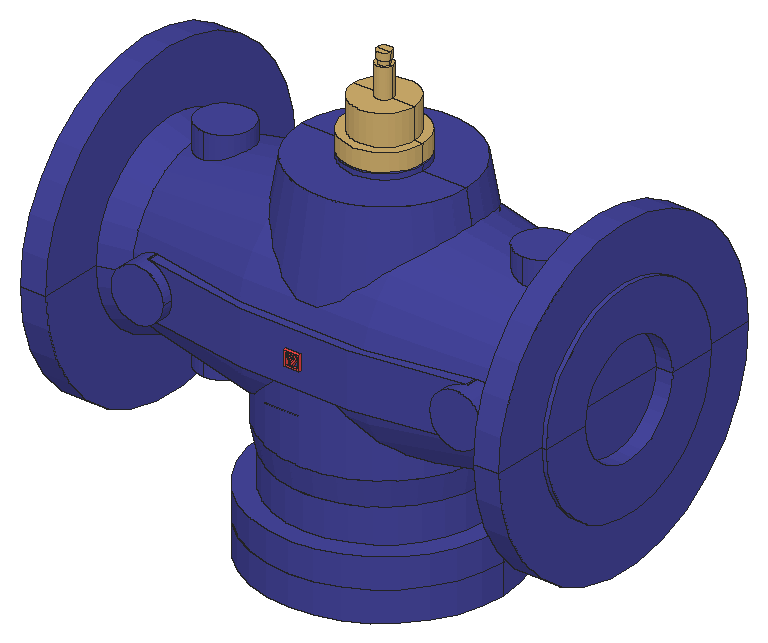
Revit family "Regelventil 4035_PN16", category Rohrzubehör, Revit 2020
Family settings
  Bemaßung runder Anschluss = Durchmesser verwenden
  Teiletyp = Unterbricht
  OmniClass-Nummer = 23.65.55.14
  OmniClass-Titel = Valves for Liquid Services
  Arbeitsebenenbasiert = Nein
  Immer vertikal = Ja
  Beim Laden mit Abzugskörper schneiden = Nein
  Gemeinsam genutzt = Nein
Parameters (values of type "kvs63")
  kvs63 = yes
  kvs6.3 = no
  kvs40 = no
  kvs4 = no
  kvs330 = no
  kvs250 = no
  kvs25 = no
  kvs2.5 = no
  kvs160 = no
  kvs16 = no
  kvs100 = no
  kvs10 = no
  kvs1.6 = no
  kvs1 = no
  Vorgabe-Ansicht = 0 mm
  Ventilsitz = "WN1.4021"  # constant formula
  Ventilkegel = "WN1.4021/Messing"  # constant formula
  Ventilcharakterisitk = "gleichprozentig"  # constant formula
  URL = "www.herz-armaturen.at"
  Spindel = "WN1.4404"  # constant formula
  SCTWSEQ = "FW;SBT_TYP_FW=\"101\";2"
  SCTWCODE = "04;05;02"  # constant formula
  SCRNSEQ = "ARM;ARM_TYP=\"DURR\";2"
  SCRNCODE = "05;06;02"  # constant formula
  R14 = 4 mm  # constant formula
  R13 = 3 mm  # constant formula
  R12 = 5 mm  # constant formula
  R11 [instance] = size_lookup("4035_PN16", "R11", 18 mm, Nennweite)  # 18 mm
  R10 [instance] = size_lookup("4035_PN16", "R10", 23 mm, Nennweite)  # 23 mm
  R09 [instance] = size_lookup("4035_PN16", "R9", 49 mm, Nennweite)  # 49 mm
  R08 [instance] = R00 + 3 mm  # 68 mm
  R07 [instance] = size_lookup("4035_PN16", "R7", 15.5 mm, Nennweite)  # 15.5 mm
  R06 [instance] = size_lookup("4035_PN16", "R6", 15.5 mm, Nennweite)  # 15.5 mm
  R05 [instance] = size_lookup("4035_PN16", "R5", 62.5 mm, Nennweite)  # 62.5 mm
  R04 [instance] = size_lookup("4035_PN16", "R4", 59.5 mm, Nennweite)  # 59.5 mm
  R03 [instance] = size_lookup("4035_PN16", "R3", 43 mm, Nennweite)  # 71 mm
  R02 [instance] = size_lookup("4035_PN16", "R2", 43 mm, Nennweite)  # 43 mm
  R01 [instance] = size_lookup("4035_PN16", "R1", 55.5 mm, Nennweite)  # 55.5 mm
  R00 [instance] = size_lookup("4035_PN16", "R", 65 mm, Nennweite)  # 65 mm
  PN = 16  # constant formula
  Nennweite [instance] = 65 mm
  Min. Betriebstemperatur = 5 °C
  Medium = "Wasserbeschaffenheit gemäß ÖNORM H 5195 und VDI 2035."
  Max. Betriebstemperatur = 150 °C
  Max. Betriebsdruck = 1600000.0 Pa
  LO1 [instance] = size_lookup("4035_PN16", "LO1", 28.5 mm, Nennweite)  # 68 mm
  L07 [instance] = L06 - R06  # 94.5 mm
  L06 [instance] = size_lookup("4035_PN16", "L6", 110 mm, Nennweite)  # 110 mm
  L05 [instance] = D00  # 92.5 mm
  L03 = 10 mm  # constant formula
  L02 [instance] = size_lookup("4035_PN16", "L2", 15 mm, Nennweite)  # 15 mm
  L01 = 3 mm  # constant formula
  L00 [instance] = size_lookup("4035_PN16", "L", 145 mm, Nennweite)  # 145 mm
  Hersteller = "Herz-Armaturen GmbH"  # constant formula
  H18 [instance] = 17.5 mm  # constant formula
  H15 = 4 mm  # constant formula
  H14 [instance] = size_lookup("4035_PN16", "H14", 17 mm, Nennweite)  # 17 mm
  H13 [instance] = size_lookup("4035_PN16", "H13", 18 mm, Nennweite)  # 18 mm
  H12 [instance] = size_lookup("4035_PN16", "H12", 10.5 mm, Nennweite)  # 10.5 mm
  H11 [instance] = size_lookup("4035_PN16", "H11", 52.5 mm, Nennweite)  # 52.5 mm
  H10 [instance] = size_lookup("4035_PN16", "H10", 135.4 mm, Nennweite)  # 135.4 mm
  H09 = 3 mm  # constant formula
  H08 [instance] = size_lookup("4035_PN16", "H8", 79 mm, Nennweite)  # 79 mm
  H07 [instance] = R00  # 65 mm
  H06 [instance] = size_lookup("4035_PN16", "H6", 59 mm, Nennweite)  # 59 mm
  H05 [instance] = size_lookup("4035_PN16", "H5", 20 mm, Nennweite)  # 20 mm
  H04 [instance] = size_lookup("4035_PN16", "H4", 17 mm, Nennweite)  # 17 mm
  H02 [instance] = size_lookup("4035_PN16", "H2", 38 mm, Nennweite)  # 38 mm
  H03 [instance] = size_lookup("4035_PN16", "H3", 112 mm, Nennweite)  # 112 mm
  H01 [instance] = size_lookup("4035_PN16", "H1", 14 mm, Nennweite)  # 18 mm
  Gewicht [instance] = size_lookup("4035_PN16", "Gewicht", 25, Nennweite)  # 25
  Gehäuse = "EN-GJL-250 (EN 1561)"  # constant formula
  Dichtungsmaterial = "70EPDM"  # constant formula
  DN80 [instance] = Nennweite = 80 mm  # no
  DN65 [instance] = Nennweite = 65 mm  # yes
  DN50 [instance] = Nennweite = 50 mm  # no
  DN40 [instance] = Nennweite = 40 mm  # no
  DN32 [instance] = Nennweite = 32 mm  # no
  DN25 [instance] = Nennweite = 25 mm  # no
  DN150 [instance] = Nennweite = 150 mm  # no
  DN15 [instance] = Nennweite = 15 mm  # no
  DN125 [instance] = Nennweite = 125 mm  # no
  DN100 [instance] = Nennweite = 100 mm  # no
  D02 [instance] = Nennweite / 2  # 32.5 mm
  D01 [instance] = size_lookup("4035_PN16", "D1", 61 mm, Nennweite)  # 61 mm
  D00 [instance] = size_lookup("4035_PN16", "D", 92.5 mm, Nennweite)  # 92.5 mm
  Bestellnummer [instance] = if(and(kvs1, Nennweite = 15 mm), 403501, if(and(kvs1.6, Nennweite = 15 mm), 403511, if(and(kvs2.5, Nennweite = 15 mm), 403521, if(and(kvs4, Nennweite = 15 mm), 403531, if(and(kvs6.3, Nennweite = 25 mm), 403503, if(and(kvs10, Nennweite = 25 mm), 403513, if(and(kvs16, Nennweite = 32 mm), 403504, if(and(kvs25, Nennweite = 40 mm), 403505, if(and(kvs40, Nennweite = 50 mm), 403516, if(and(kvs63, Nennweite = 65 mm), 403507, if(and(kvs100, Nennweite = 80 mm), 403508, if(and(kvs160, Nennweite = 100 mm), 403509, if(and(kvs250, Nennweite = 125 mm), 403510, if(and(kvs330, Nennweite = 150 mm), 403541, 0))))))))))))))  # 403507
  Description = ""
  Anwendungsgebiet = "Das Ventil kann in nahezu allen Heizungs-, Lüftungs- und Klimaanlagen sowie für industrielle und technologische\r\nProzesse eingesetzt werden. Das 3-Wege-Flanschventil ist als Mischventil konzipiert. Es kann zum Mischen oder\r\nzur Umschaltung zwischen zwei eintretenden Mediumsströmen verwendet werden. Die Ventilcharakteristik ist\r\ngleichprozentig. Das Regelungsverhältnis (Verhältnis zwischen nominalem und minimalem Durchfluss) beträgt 30:1. Die\r\nAuswahl des Dreiwege-Flanschventils erfolgt entsprechend dem Diagramm über die kvs-Werte."
  Anschlussflansch = "EN 1092-2"  # constant formula
Types (15, lengths in mm): name | kvs63 | kvs6.3 | kvs40 | kvs4 | kvs330 | kvs250 | kvs25 | kvs2.5 | kvs160 | kvs16 | kvs100 | kvs10 | kvs1.6 | kvs1 | R11 | R10 | R09 | R08 | R07 | R06 | R05 | R04 | R03 | R02 | R01 | R00 | Nennweite | LO1 | L07 | L06 | L05 | L02 | L00 | H14 | H13 | H12 | H11 | H10 | H08 | H07 | H06 | H05 | H04 | H02 | H03 | H01 | Gewicht | DN80 | DN65 | DN50 | DN40 | DN32 | DN25 | DN150 | DN15 | DN125 | DN100 | D02 | D01 | D00 | Bestellnummer | Anwendungsgebiet
  (no name) | yes | no | no | no | no | no | no | no | no | no | no | no | no | no | 18 | 23 | 49 | 68 | 15.5 | 15.5 | 62.5 | 59.5 | 71 | 43 | 55.5 | 65 | 65 | 68 | 94.5 | 110 | 92.5 | 15 | 145 | 17 | 18 | 10.5 | 52.5 | 135.4 | 79 | 65 | 59 | 20 | 17 | 38 | 112 | 18 | 25 | no | yes | no | no | no | no | no | no | no | no | 32.5 | 61 | 92.5 | 403507 | "Das Ventil kann in nahezu allen Heizungs-, Lüftungs- und Klimaanlagen sowie für industrielle und technologische\r\nProzesse eingesetzt werden. Das 3-Wege-Flanschventil ist als Mischventil konzipiert. Es kann zum Mischen oder\r\nzur Umschaltung zwischen zwei eintretenden Mediumsströmen verwendet werden. Die Ventilcharakteristik ist\r\ngleichprozentig. Das Regelungsverhältnis (Verhältnis zwischen nominalem und minimalem Durchfluss) beträgt 30:1. Die\r\nAuswahl des Dreiwege-Flanschventils erfolgt entsprechend dem Diagramm über die kvs-Werte."
  kvs1 | no | no | no | no | no | no | no | no | no | no | no | no | no | yes | 10 | 15 | 19.5 | 29.5 | 6 | 6 | 24 | 21 | 32.5 | 14 | 17 | 26.5 | 15 | 27.5 | 34 | 40 | 47.5 | 11 | 65 | 13 | 14 | 6.8 | 40.8 | 80.3 | 36.5 | 26.5 | 24.5 | 5 | 13 | 11 | 49 | 14 | 5 | no | no | no | no | no | no | no | yes | no | no | 7.5 | 22.5 | 47.5 | 403501 | "Das Ventil kann in nahezu allen Heizungs-, Lüftungs- und Klimaanlagen sowie in industriellen und technologischen\r\nProzessen eingesetzt werden. Die Ventilcharakteristik ist gleichprozentig. Das Regelungsverhältnis (Verhältnis\r\nzwischen nominalem und minimalem Durchfluss) beträgt 30:1. Die Auswahl des 2-Wege-Flanschventils erfolgt mittels\r\nentsprechendem Diagramm über die kvs-Werte."
  kvs1.6 | no | no | no | no | no | no | no | no | no | no | no | no | yes | no | 10 | 15 | 19.5 | 29.5 | 6 | 6 | 24 | 21 | 32.5 | 14 | 17 | 26.5 | 15 | 27.5 | 34 | 40 | 47.5 | 11 | 65 | 13 | 14 | 6.8 | 40.8 | 80.3 | 36.5 | 26.5 | 24.5 | 5 | 13 | 11 | 49 | 14 | 5 | no | no | no | no | no | no | no | yes | no | no | 7.5 | 22.5 | 47.5 | 403511 | "Das Ventil kann in nahezu allen Heizungs-, Lüftungs- und Klimaanlagen sowie für industrielle und technologische\r\nProzesse eingesetzt werden. Das 3-Wege-Flanschventil ist als Mischventil konzipiert. Es kann zum Mischen oder\r\nzur Umschaltung zwischen zwei eintretenden Mediumsströmen verwendet werden. Die Ventilcharakteristik ist\r\ngleichprozentig. Das Regelungsverhältnis (Verhältnis zwischen nominalem und minimalem Durchfluss) beträgt 30:1. Die\r\nAuswahl des Dreiwege-Flanschventils erfolgt entsprechend dem Diagramm über die kvs-Werte."
  kvs2.5 | no | no | no | no | no | no | no | yes | no | no | no | no | no | no | 10 | 15 | 19.5 | 29.5 | 6 | 6 | 24 | 21 | 32.5 | 14 | 17 | 26.5 | 15 | 27.5 | 34 | 40 | 47.5 | 11 | 65 | 13 | 14 | 6.8 | 40.8 | 80.3 | 36.5 | 26.5 | 24.5 | 5 | 13 | 11 | 49 | 14 | 5 | no | no | no | no | no | no | no | yes | no | no | 7.5 | 22.5 | 47.5 | 403521 | "Das Ventil kann in nahezu allen Heizungs-, Lüftungs- und Klimaanlagen sowie für industrielle und technologische\r\nProzesse eingesetzt werden. Das 3-Wege-Flanschventil ist als Mischventil konzipiert. Es kann zum Mischen oder\r\nzur Umschaltung zwischen zwei eintretenden Mediumsströmen verwendet werden. Die Ventilcharakteristik ist\r\ngleichprozentig. Das Regelungsverhältnis (Verhältnis zwischen nominalem und minimalem Durchfluss) beträgt 30:1. Die\r\nAuswahl des Dreiwege-Flanschventils erfolgt entsprechend dem Diagramm über die kvs-Werte."
  kvs4 | no | no | no | yes | no | no | no | no | no | no | no | no | no | no | 10 | 15 | 19.5 | 29.5 | 6 | 6 | 24 | 21 | 32.5 | 14 | 17 | 26.5 | 15 | 27.5 | 34 | 40 | 47.5 | 11 | 65 | 13 | 14 | 6.8 | 40.8 | 80.3 | 36.5 | 26.5 | 24.5 | 5 | 13 | 11 | 49 | 14 | 5 | no | no | no | no | no | no | no | yes | no | no | 7.5 | 22.5 | 47.5 | 403531 | "Das Ventil kann in nahezu allen Heizungs-, Lüftungs- und Klimaanlagen sowie für industrielle und technologische\r\nProzesse eingesetzt werden. Das 3-Wege-Flanschventil ist als Mischventil konzipiert. Es kann zum Mischen oder\r\nzur Umschaltung zwischen zwei eintretenden Mediumsströmen verwendet werden. Die Ventilcharakteristik ist\r\ngleichprozentig. Das Regelungsverhältnis (Verhältnis zwischen nominalem und minimalem Durchfluss) beträgt 30:1. Die\r\nAuswahl des Dreiwege-Flanschventils erfolgt entsprechend dem Diagramm über die kvs-Werte."
  kvs6.3 | no | yes | no | no | no | no | no | no | no | no | no | no | no | no | 10 | 15 | 19.5 | 41 | 7 | 7 | 35.5 | 32.5 | 44 | 19.5 | 28.5 | 38 | 25 | 40 | 45 | 52 | 57.5 | 13 | 80 | 13 | 14 | 6.8 | 40.8 | 88.3 | 44.5 | 38 | 35 | 5 | 15 | 3 | 64 | 16 | 8 | no | no | no | no | no | yes | no | no | no | no | 12.5 | 34 | 57.5 | 403503 | "Das Ventil kann in nahezu allen Heizungs-, Lüftungs- und Klimaanlagen sowie für industrielle und technologische\r\nProzesse eingesetzt werden. Das 3-Wege-Flanschventil ist als Mischventil konzipiert. Es kann zum Mischen oder\r\nzur Umschaltung zwischen zwei eintretenden Mediumsströmen verwendet werden. Die Ventilcharakteristik ist\r\ngleichprozentig. Das Regelungsverhältnis (Verhältnis zwischen nominalem und minimalem Durchfluss) beträgt 30:1. Die\r\nAuswahl des Dreiwege-Flanschventils erfolgt entsprechend dem Diagramm über die kvs-Werte."
  kvs10 | no | no | no | no | no | no | no | no | no | no | no | yes | no | no | 10 | 15 | 19.5 | 41 | 7 | 7 | 35.5 | 32.5 | 44 | 19.5 | 28.5 | 38 | 25 | 40 | 45 | 52 | 57.5 | 13 | 80 | 13 | 14 | 6.8 | 40.8 | 88.3 | 44.5 | 38 | 35 | 5 | 15 | 3 | 64 | 16 | 8 | no | no | no | no | no | yes | no | no | no | no | 12.5 | 34 | 57.5 | 403513 | "Das Ventil kann in nahezu allen Heizungs-, Lüftungs- und Klimaanlagen sowie für industrielle und technologische\r\nProzesse eingesetzt werden. Das 3-Wege-Flanschventil ist als Mischventil konzipiert. Es kann zum Mischen oder\r\nzur Umschaltung zwischen zwei eintretenden Mediumsströmen verwendet werden. Die Ventilcharakteristik ist\r\ngleichprozentig. Das Regelungsverhältnis (Verhältnis zwischen nominalem und minimalem Durchfluss) beträgt 30:1. Die\r\nAuswahl des Dreiwege-Flanschventils erfolgt entsprechend dem Diagramm über die kvs-Werte."
  kvs16 | no | no | no | no | no | no | no | no | no | yes | no | no | no | no | 10 | 15 | 20.5 | 46 | 9 | 9 | 40.5 | 37.5 | 49 | 24.5 | 33.5 | 43 | 32 | 45 | 51 | 60 | 70 | 13 | 90 | 17 | 18 | 10.5 | 52.5 | 102 | 46.5 | 43 | 39 | 15 | 15 | 4 | 84 | 16 | 11.5 | no | no | no | no | yes | no | no | no | no | no | 16 | 39 | 70 | 403504 | "Das Ventil kann in nahezu allen Heizungs-, Lüftungs- und Klimaanlagen sowie für industrielle und technologische\r\nProzesse eingesetzt werden. Das 3-Wege-Flanschventil ist als Mischventil konzipiert. Es kann zum Mischen oder\r\nzur Umschaltung zwischen zwei eintretenden Mediumsströmen verwendet werden. Die Ventilcharakteristik ist\r\ngleichprozentig. Das Regelungsverhältnis (Verhältnis zwischen nominalem und minimalem Durchfluss) beträgt 30:1. Die\r\nAuswahl des Dreiwege-Flanschventils erfolgt entsprechend dem Diagramm über die kvs-Werte."
  kvs25 | no | no | no | no | no | no | yes | no | no | no | no | no | no | no | 10 | 15 | 20.5 | 51 | 12 | 12 | 45.5 | 42.5 | 54 | 29 | 38.5 | 48 | 40 | 50 | 56 | 68 | 75 | 13 | 100 | 17 | 18 | 10.5 | 52.5 | 112 | 56.5 | 48 | 43 | 20 | 15 | 1 | 94 | 16 | 13 | no | no | no | yes | no | no | no | no | no | no | 20 | 44 | 75 | 403505 | "Das Ventil kann in nahezu allen Heizungs-, Lüftungs- und Klimaanlagen sowie für industrielle und technologische\r\nProzesse eingesetzt werden. Das 3-Wege-Flanschventil ist als Mischventil konzipiert. Es kann zum Mischen oder\r\nzur Umschaltung zwischen zwei eintretenden Mediumsströmen verwendet werden. Die Ventilcharakteristik ist\r\ngleichprozentig. Das Regelungsverhältnis (Verhältnis zwischen nominalem und minimalem Durchfluss) beträgt 30:1. Die\r\nAuswahl des Dreiwege-Flanschventils erfolgt entsprechend dem Diagramm über die kvs-Werte."
  kvs63 | yes | no | no | no | no | no | no | no | no | no | no | no | no | no | 18 | 23 | 49 | 68 | 15.5 | 15.5 | 62.5 | 59.5 | 71 | 43 | 55.5 | 65 | 65 | 68 | 94.5 | 110 | 92.5 | 15 | 145 | 17 | 18 | 10.5 | 52.5 | 135.4 | 79 | 65 | 59 | 20 | 17 | 38 | 112 | 18 | 25 | no | yes | no | no | no | no | no | no | no | no | 32.5 | 61 | 92.5 | 403507 | "Das Ventil kann in nahezu allen Heizungs-, Lüftungs- und Klimaanlagen sowie für industrielle und technologische\r\nProzesse eingesetzt werden. Das 3-Wege-Flanschventil ist als Mischventil konzipiert. Es kann zum Mischen oder\r\nzur Umschaltung zwischen zwei eintretenden Mediumsströmen verwendet werden. Die Ventilcharakteristik ist\r\ngleichprozentig. Das Regelungsverhältnis (Verhältnis zwischen nominalem und minimalem Durchfluss) beträgt 30:1. Die\r\nAuswahl des Dreiwege-Flanschventils erfolgt entsprechend dem Diagramm über die kvs-Werte."
  kvs100 | no | no | no | no | no | no | no | no | no | no | yes | no | no | no | 18 | 23 | 49 | 76 | 15.5 | 15.5 | 70.5 | 67.5 | 79 | 51 | 63.5 | 73 | 80 | 77 | 99.5 | 115 | 100 | 17 | 155 | 17 | 18 | 10.5 | 52.5 | 168.5 | 113 | 73 | 65 | 20 | 19 | 46 | 125 | 20 | 31 | yes | no | no | no | no | no | no | no | no | no | 40 | 69 | 100 | 403508 | "Das Ventil kann in nahezu allen Heizungs-, Lüftungs- und Klimaanlagen sowie für industrielle und technologische\r\nProzesse eingesetzt werden. Das 3-Wege-Flanschventil ist als Mischventil konzipiert. Es kann zum Mischen oder\r\nzur Umschaltung zwischen zwei eintretenden Mediumsströmen verwendet werden. Die Ventilcharakteristik ist\r\ngleichprozentig. Das Regelungsverhältnis (Verhältnis zwischen nominalem und minimalem Durchfluss) beträgt 30:1. Die\r\nAuswahl des Dreiwege-Flanschventils erfolgt entsprechend dem Diagramm über die kvs-Werte."
  kvs160 | no | no | no | no | no | no | no | no | yes | no | no | no | no | no | 30 | 35 | 61 | 86 | 20.5 | 20.5 | 80.5 | 77.5 | 89 | 61 | 73.5 | 83 | 100 | 88 | 112.5 | 133 | 110 | 17 | 175 | 21 | 22 | 14.2 | 64.2 | 189.7 | 122.5 | 83 | 73 | 25 | 19 | 65 | 135 | 20 | 46 | no | no | no | no | no | no | no | no | no | yes | 50 | 79 | 110 | 403509 | "Das Ventil kann in nahezu allen Heizungs-, Lüftungs- und Klimaanlagen sowie für industrielle und technologische\r\nProzesse eingesetzt werden. Das 3-Wege-Flanschventil ist als Mischventil konzipiert. Es kann zum Mischen oder\r\nzur Umschaltung zwischen zwei eintretenden Mediumsströmen verwendet werden. Die Ventilcharakteristik ist\r\ngleichprozentig. Das Regelungsverhältnis (Verhältnis zwischen nominalem und minimalem Durchfluss) beträgt 30:1. Die\r\nAuswahl des Dreiwege-Flanschventils erfolgt entsprechend dem Diagramm über die kvs-Werte."
  kvs250 | no | no | no | no | no | yes | no | no | no | no | no | no | no | no | 30 | 35 | 61 | 101 | 20.5 | 20.5 | 95.5 | 92.5 | 104 | 76 | 88.5 | 98 | 125 | 103 | 134.5 | 155 | 125 | 19 | 200 | 21 | 22 | 14.2 | 64.2 | 231 | 163.5 | 98 | 80 | 30 | 21 | 44 | 158 | 21 | 72 | no | no | no | no | no | no | no | no | yes | no | 62.5 | 94 | 125 | 403510 | "Das Ventil kann in nahezu allen Heizungs-, Lüftungs- und Klimaanlagen sowie für industrielle und technologische\r\nProzesse eingesetzt werden. Das 3-Wege-Flanschventil ist als Mischventil konzipiert. Es kann zum Mischen oder\r\nzur Umschaltung zwischen zwei eintretenden Mediumsströmen verwendet werden. Die Ventilcharakteristik ist\r\ngleichprozentig. Das Regelungsverhältnis (Verhältnis zwischen nominalem und minimalem Durchfluss) beträgt 30:1. Die\r\nAuswahl des Dreiwege-Flanschventils erfolgt entsprechend dem Diagramm über die kvs-Werte."
  kvs330 | no | no | no | no | yes | no | no | no | no | no | no | no | no | no | 30 | 35 | 61 | 113 | 20.5 | 20.5 | 107.5 | 104.5 | 116 | 88 | 100.5 | 110 | 150 | 115 | 174.5 | 195 | 142.5 | 19 | 240 | 21 | 22 | 14.2 | 64.2 | 237.5 | 170 | 110 | 85 | 25 | 21 | 42 | 153 | 21 | 91 | no | no | no | no | no | no | yes | no | no | no | 75 | 106 | 142.5 | 403541 | "Das Ventil kann in nahezu allen Heizungs-, Lüftungs- und Klimaanlagen sowie für industrielle und technologische\r\nProzesse eingesetzt werden. Das 3-Wege-Flanschventil ist als Mischventil konzipiert. Es kann zum Mischen oder\r\nzur Umschaltung zwischen zwei eintretenden Mediumsströmen verwendet werden. Die Ventilcharakteristik ist\r\ngleichprozentig. Das Regelungsverhältnis (Verhältnis zwischen nominalem und minimalem Durchfluss) beträgt 30:1. Die\r\nAuswahl des Dreiwege-Flanschventils erfolgt entsprechend dem Diagramm über die kvs-Werte."
  Kvs40 | no | no | yes | no | no | no | no | no | no | no | no | no | no | no | 18 | 23 | 49 | 56 | 13.5 | 13.5 | 52.5 | 49.5 | 61 | 34 | 45.5 | 53 | 50 | 56 | 66.5 | 80 | 82.5 | 15 | 115 | 17 | 18 | 10.5 | 52.5 | 122 | 66.5 | 53 | 43 | 1 | 15 | 42 | 67 | 18 | 16 | no | no | yes | no | no | no | no | no | no | no | 25 | 51 | 82.5 | 403516 | "Das Ventil kann in nahezu allen Heizungs-, Lüftungs- und Klimaanlagen sowie in industriellen und technologischen\r\nProzessen eingesetzt werden. Die Ventilcharakteristik ist gleichprozentig. Das Regelungsverhältnis (Verhältnis\r\nzwischen nominalem und minimalem Durchfluss) beträgt 30:1. Die Auswahl des 2-Wege-Flanschventils erfolgt mittels\r\nentsprechendem Diagramm über die kvs-Werte."
Reference planes
  plane 1 "Mitte (Vorne/hinten)": y = 0
  plane 2: z = 0
  plane 3 "Mitte (Links/rechts)": x = 0
Forms (mm)
  Revolve 1, solid, material "kunststoff-BLAU", detail levels fine
    sketch origin (1065, 0, 0) x (1, 0, 0) y (0, 1, 0)
      loop
        line (-1207, 61) -> (-1210, 61) -> (-1210, 32.5) -> (-1200, 32.5) -> (-1200, 0) -> (-930, 0) -> (-930, 32.5) -> (-920, 32.5) -> (-920, 61) -> (-923, 61) -> (-923, 92.5) -> (-938, 92.5) -> (-938, 55.5) -> (-955, 49.943)
        arc (-955, 49.943) -> (-1065, 65) -> (-1175, 49.943) r 409.331
        line (-1175, 49.943) -> (-1192, 55.5) -> (-1192, 92.5) -> (-1207, 92.5) -> (-1207, 61)
      axis (-920, 0) -> (-1210, 0)
    angle from 0 to 360
  Extrusion 2, solid, material "kunststoff-BLAU", detail levels fine
    sketch origin (0, 0, 0) x (-1, 0, 0) y (0, 0, -1)
      loop
        circle (94.5, 0) r 15.5
      loop
        circle (-94.5, 0) r 15.5
    from -65 to 65
  Extrusion 3, solid, material "kunststoff-BLAU", visible <- "DN65", detail levels fine
    sketch origin (0, 0, 0) x (1, 0, 0) y (0, 1, 0)
      loop
        arc (-95, -56.907) -> (0, -68) -> (95, -56.907) r 412.331
        line (95, -56.907) -> (95, 56.907)
        arc (95, 56.907) -> (0, 68) -> (-95, 56.907) r 412.331
        line (-95, 56.907) -> (-95, -56.907)
    from -15.5 to 15.5
  Revolve 4, solid, material "kunststoff-BLAU", detail levels fine
    sketch origin (0, 0, 0) x (1, 0, 0) y (0, 0, 1)
      loop
        line (-49, 79) -> (-62.5, 0) -> (0, 0) -> (0, 82) -> (-23, 82) -> (-23, 79) -> (-49, 79)
      axis (0, 82) -> (0, 0)
    angle from 0 to 360
  Revolve 5, solid, material "kunststoff-BLAU", detail levels fine
    sketch origin (0, 0, 0) x (1, 0, 0) y (0, 0, 1)
      loop
        line (0, 0) -> (-62.5, 0) -> (-62.5, -59) -> (-59.5, -74.5) -> (-59.5, -94.5) -> (-71, -94.5) -> (-71, -112) -> (0, -112) -> (0, 0)
      axis (0, 0) -> (0, -112)
    angle from 0 to 360
  Revolve 6, solid, material "kunststoff-BLAU", detail levels fine
    sketch origin (0, 0, 0) x (1, 0, 0) y (0, 0, 1)
      loop
        line (0, -112) -> (-71, -112) -> (-71, -130) -> (0, -130) -> (0, -112)
      axis (0, -112) -> (0, -130)
    angle from 0 to 360
  Extrusion 7, solid, material "kunststoff-BLAU", detail levels fine
    sketch origin (0, 0, 0) x (0, -1, 0) y (1, 0, 0)
      loop
        circle (0, -94.5) r 15.5
      loop
        circle (0, 94.5) r 15.5
    from -65 to 65
  Extrusion 8, solid, material "kunststoff-BLAU", visible <- "DN150", detail levels fine
    sketch origin (0, 0, 0) x (1, 0, 0) y (0, 1, 0)
      loop
        arc (-179.5, -78.475) -> (0, -115) -> (179.5, -78.475) r 459.331
        line (179.5, -78.475) -> (179.5, 78.475)
        arc (179.5, 78.475) -> (0, 115) -> (-179.5, 78.475) r 459.331
        line (-179.5, 78.475) -> (-179.5, -78.475)
    from -20.5 to 20.5
  Extrusion 9, solid, material "kunststoff-BLAU", visible <- "DN125", detail levels fine
    sketch origin (0, 0, 0) x (1, 0, 0) y (0, 1, 0)
      loop
        arc (-134.5, -82.301) -> (0, -103) -> (134.5, -82.301) r 447.331
        line (134.5, -82.301) -> (134.5, 82.301)
        arc (134.5, 82.301) -> (0, 103) -> (-134.5, 82.301) r 447.331
        line (-134.5, 82.301) -> (-134.5, -82.301)
    from -20.5 to 20.5
  Extrusion 10, solid, material "kunststoff-BLAU", visible <- "DN100", detail levels fine
    sketch origin (0, 0, 0) x (1, 0, 0) y (0, 1, 0)
      loop
        arc (-112.5, -73.106) -> (0, -88) -> (112.5, -73.106) r 432.331
        line (112.5, -73.106) -> (112.5, 73.106)
        arc (112.5, 73.106) -> (0, 88) -> (-112.5, 73.106) r 432.331
        line (-112.5, 73.106) -> (-112.5, -73.106)
    from -20.5 to 20.5
  Extrusion 11, solid, material "kunststoff-BLAU", visible <- "DN80", detail levels fine
    sketch origin (0, 0, 0) x (1, 0, 0) y (0, 1, 0)
      loop
        line (99.5, -65.083) -> (99.5, 65.083)
        arc (99.5, 65.083) -> (0, 77) -> (-99.5, 65.083) r 421.331
        line (-99.5, 65.083) -> (-99.5, -65.083)
        arc (-99.5, -65.083) -> (0, -77) -> (99.5, -65.083) r 421.331
    from -15.5 to 15.5
  Extrusion 12, solid, material "kunststoff-BLAU", visible <- "DN50", detail levels fine
    sketch origin (0, 0, 0) x (1, 0, 0) y (0, 1, 0)
      loop
        arc (-66.5, -50.44) -> (0, -56.006) -> (66.5, -50.44) r 400.05
        line (66.5, -50.44) -> (66.5, 50.44)
        arc (66.5, 50.44) -> (0, 56.006) -> (-66.5, 50.44) r 400.05
        line (-66.5, 50.44) -> (-66.5, -50.44)
    from -13.5 to 13.5
  Extrusion 13, solid, material "kunststoff-BLAU", visible <- "DN40", detail levels fine
    sketch origin (0, 0, 0) x (1, 0, 0) y (0, 1, 0)
      loop
        arc (-56, -46.003) -> (0, -50) -> (56, -46.003) r 394.331
        line (56, -46.003) -> (56, 46.003)
        arc (56, 46.003) -> (0, 50) -> (-56, 46.003) r 394.331
        line (-56, 46.003) -> (-56, -46.003)
    from -12 to 12
  Extrusion 14, solid, material "kunststoff-BLAU", visible <- "DN32", detail levels fine
    sketch origin (0, 0, 0) x (1, 0, 0) y (0, 1, 0)
      loop
        arc (-51, -41.645) -> (0, -45) -> (51, -41.645) r 389.331
        line (51, -41.645) -> (51, 41.645)
        arc (51, 41.645) -> (0, 45) -> (-51, 41.645) r 389.331
        line (-51, 41.645) -> (-51, -41.645)
    from -9 to 9
  Extrusion 15, solid, material "kunststoff-BLAU", visible <- "DN25", detail levels fine
    sketch origin (0, 0, 0) x (1, 0, 0) y (0, 1, 0)
      loop
        line (45, -37.356) -> (45, 37.356)
        arc (45, 37.356) -> (0, 40) -> (-45, 37.356) r 384.331
        line (-45, 37.356) -> (-45, -37.356)
        arc (-45, -37.356) -> (0, -40) -> (45, -37.356) r 384.331
    from -7 to 7
  Extrusion 16, solid, material "kunststoff-BLAU", visible <- "DN15", detail levels fine
    sketch origin (0, 0, 0) x (1, 0, 0) y (0, 1, 0)
      loop
        line (-34, 25.942) -> (-34, -25.942)
        arc (-34, -25.942) -> (0, -27.5) -> (34, -25.942) r 371.831
        line (34, -25.942) -> (34, 25.942)
        arc (34, 25.942) -> (0, 27.5) -> (-34, 25.942) r 371.831
    from -6 to 6
  Revolve 17, solid, material "Messing-poliert", detail levels fine
    sketch origin (0, 0, 0) x (1, 0, 0) y (0, 0, 1)
      loop
        line (-23, 93.4) -> (-23, 82.9) -> (0, 82.9) -> (0, 135.4) -> (-4, 135.4) -> (-4, 131.4) -> (-3, 131.4) -> (-3, 128.4) -> (-5, 128.4) -> (-5, 111.4) -> (-18, 111.4) -> (-18, 93.4) -> (-23, 93.4)
      axis (0, 135.4) -> (0, 82.9)
    angle from 0 to 360
Lines and regions (mm)
  model lines, detail levels coarse+medium
    curve 1: line (145, 0, 92.5) -> (145, 0, -92.5)
    curve 2: line (145, 0, -92.5) -> (-145, 0, 92.5)
    curve 3: line (-145, 0, 92.5) -> (-145, 0, -92.5)
    curve 4: line (-145, 0, -92.5) -> (145, 0, 92.5)
    curve 5: line (145, 92.5, 0) -> (145, -92.5, 0)
    curve 6: line (145, -92.5, 0) -> (-145, 92.5, 0)
    curve 7: line (-145, 92.5, 0) -> (-145, -92.5, 0)
    curve 8: line (-145, -92.5, 0) -> (145, 92.5, 0)
Dimensions and locks
  "L00": Revolve 1 sketch curve to plane 3 "Mitte (Links/rechts)" to Revolve 1 sketch curve
  "D00": plane 1 "Mitte (Vorne/hinten)" to Revolve 1 sketch curve  (x2)
  "D02": plane 1 "Mitte (Vorne/hinten)" to Revolve 1 sketch curve  (x2)
  "L01": Revolve 1 sketch curve to Revolve 1 sketch curve  (x2)
  "L02": Revolve 1 sketch curve to Revolve 1 sketch curve  (x2)
  "D01": plane 1 "Mitte (Vorne/hinten)" to Revolve 1 sketch curve  (x2)
  "R01": plane 1 "Mitte (Vorne/hinten)" to Revolve 1 sketch curve  (x2)
  "R00": Revolve 1 sketch curve to Revolve 1 sketch curve
  "L03": Revolve 1 sketch curve to Revolve 1 sketch curve  (x2)
  "H01": Revolve 6 sketch curve to Revolve 6 sketch curve
  "R03": plane 3 "Mitte (Links/rechts)" to Revolve 6 sketch curve
  "R03": Revolve 5 sketch curve to Revolve 5 sketch curve
  "H03": plane 2 to Revolve 5 sketch curve
  "H06": Revolve 5 sketch curve to Revolve 5 sketch curve
  "R04": Revolve 5 sketch curve to Revolve 5 sketch curve
  "R05": Revolve 5 sketch curve to Revolve 5 sketch curve
  "H05": Revolve 5 sketch curve to Revolve 5 sketch curve
  "L06": Revolve 1 sketch curve to plane 3 "Mitte (Links/rechts)" to Revolve 1 sketch curve
  "H03": plane 2 to Revolve 6 sketch curve
  "R09": Revolve 4 sketch curve to Revolve 4 sketch curve
  "R05": Revolve 4 sketch curve to Revolve 4 sketch curve
  "H07": Extrusion 7 to plane 2 to Extrusion 7  (x2)
  "L07": plane 3 "Mitte (Links/rechts)" to Extrusion 7 sketch curve
  "L07": Extrusion 7 sketch curve to plane 3 "Mitte (Links/rechts)"
  "H07": Extrusion 2 to plane 1 "Mitte (Vorne/hinten)"  (x3)
  "L07": plane 3 "Mitte (Links/rechts)" to Extrusion 2 sketch curve
  "L07": Extrusion 2 sketch curve to plane 3 "Mitte (Links/rechts)"
  "H07": plane 1 "Mitte (Vorne/hinten)" to Extrusion 2
  "H08": Revolve 4 sketch curve to plane 2
  "H09": Revolve 4 sketch curve to Revolve 4 sketch curve
  "R10": plane 3 "Mitte (Links/rechts)" to Revolve 4 sketch curve
  "H11": Revolve 17 sketch curve to Revolve 17 sketch curve
  "H10": Revolve 17 sketch curve to plane 2
  "R10": plane 3 "Mitte (Links/rechts)" to Revolve 17 sketch curve
  "H12": Revolve 17 sketch curve to Revolve 17 sketch curve
  "H13": Revolve 17 sketch curve to Revolve 17 sketch curve
  "H14": Revolve 17 sketch curve to Revolve 17 sketch curve
  "H15": Revolve 17 sketch curve to Revolve 17 sketch curve
  "R14": plane 3 "Mitte (Links/rechts)" to Revolve 17 sketch curve
  "R13": plane 3 "Mitte (Links/rechts)" to Revolve 17 sketch curve
  "R11": plane 3 "Mitte (Links/rechts)" to Revolve 17 sketch curve
  "R12": plane 3 "Mitte (Links/rechts)" to Revolve 17 sketch curve
  "LO1": nested 1 to plane 1 "Mitte (Vorne/hinten)"
  "H18": Revolve 5 sketch curve to Revolve 6
  "D00": curve 3 to plane 2 to curve 4
  "D00": curve 4 to plane 2 to curve 2
  "L00": curve 3 to plane 3 "Mitte (Links/rechts)" to curve 1
  "D00": curve 8 to plane 1 "Mitte (Vorne/hinten)" to curve 7
  "D00": curve 5 to plane 1 "Mitte (Vorne/hinten)" to curve 8
  "L00": curve 7 to plane 3 "Mitte (Links/rechts)" to curve 5
  "R06": radius of Extrusion 7 sketch curve  (x2)
  "R07": radius of Extrusion 2 sketch curve  (x2)
  aligned and locked: level to plane 2
Automatic sketch dimensions
  Extrusion 3 sketch curve to plane 1 "Mitte (Vorne/hinten)" = 56.907 mm  (x2)
  Extrusion 3 sketch curve to plane 3 "Mitte (Links/rechts)" = 0 mm  (x2)
  Extrusion 3 sketch curve to Extrusion 3 sketch curve = 113.814 mm
  Extrusion 3 sketch curve to Extrusion 3 sketch curve = 287.425 mm
  Extrusion 3 sketch curve to plane 1 "Mitte (Vorne/hinten)" = 344.331 mm
  plane 3 "Mitte (Links/rechts)" to Extrusion 3 sketch curve = 95 mm
  Extrusion 8 sketch curve to plane 3 "Mitte (Links/rechts)" = 0 mm  (x2)
  Extrusion 8 sketch curve to plane 1 "Mitte (Vorne/hinten)" = 78.475 mm  (x2)
  plane 1 "Mitte (Vorne/hinten)" to Extrusion 8 sketch curve = 78.475 mm
  Extrusion 8 sketch curve to plane 3 "Mitte (Links/rechts)" = 179.5 mm
  Extrusion 8 sketch curve to Extrusion 8 sketch curve = 265.857 mm
  Extrusion 8 sketch curve to plane 1 "Mitte (Vorne/hinten)" = 344.331 mm
  plane 3 "Mitte (Links/rechts)" to Extrusion 9 sketch curve = 134.5 mm
  plane 1 "Mitte (Vorne/hinten)" to Extrusion 9 sketch curve = 82.301 mm  (x2)
  Extrusion 9 sketch curve to plane 3 "Mitte (Links/rechts)" = 0 mm  (x2)
  Extrusion 9 sketch curve to Extrusion 9 sketch curve = 262.031 mm  (x2)
  Extrusion 9 sketch curve to plane 1 "Mitte (Vorne/hinten)" = 82.301 mm
  Extrusion 10 sketch curve to plane 3 "Mitte (Links/rechts)" = 0 mm  (x2)
  plane 1 "Mitte (Vorne/hinten)" to Extrusion 10 sketch curve = 73.106 mm
  Extrusion 10 sketch curve to plane 3 "Mitte (Links/rechts)" = 112.5 mm
  Extrusion 10 sketch curve to Extrusion 10 sketch curve = 271.225 mm
  Extrusion 10 sketch curve to plane 1 "Mitte (Vorne/hinten)" = 344.331 mm
  Extrusion 10 sketch curve to plane 1 "Mitte (Vorne/hinten)" = 73.106 mm  (x2)
  Extrusion 11 sketch curve to plane 3 "Mitte (Links/rechts)" = 0 mm  (x2)
  plane 1 "Mitte (Vorne/hinten)" to Extrusion 11 sketch curve = 65.083 mm  (x2)
  Extrusion 11 sketch curve to plane 3 "Mitte (Links/rechts)" = 99.5 mm
  Extrusion 11 sketch curve to Extrusion 11 sketch curve = 279.249 mm
  Extrusion 11 sketch curve to plane 1 "Mitte (Vorne/hinten)" = 344.331 mm
  Extrusion 11 sketch curve to plane 1 "Mitte (Vorne/hinten)" = 65.083 mm
  Extrusion 12 sketch curve to plane 3 "Mitte (Links/rechts)" = 0 mm  (x2)
  Extrusion 12 sketch curve to plane 3 "Mitte (Links/rechts)" = 66.5 mm
  plane 3 "Mitte (Links/rechts)" to Extrusion 12 sketch curve = 66.5 mm
  plane 1 "Mitte (Vorne/hinten)" to Extrusion 12 sketch curve = 344.044 mm
  plane 1 "Mitte (Vorne/hinten)" to Extrusion 12 sketch curve = 50.44 mm
  Extrusion 12 sketch curve to plane 1 "Mitte (Vorne/hinten)" = 50.44 mm
  Extrusion 12 sketch curve to Extrusion 12 sketch curve = 293.604 mm
  Extrusion 13 sketch curve to plane 3 "Mitte (Links/rechts)" = 0 mm  (x2)
  Extrusion 13 sketch curve to plane 3 "Mitte (Links/rechts)" = 56 mm
  plane 3 "Mitte (Links/rechts)" to Extrusion 13 sketch curve = 56 mm
  plane 1 "Mitte (Vorne/hinten)" to Extrusion 13 sketch curve = 344.331 mm
  plane 1 "Mitte (Vorne/hinten)" to Extrusion 13 sketch curve = 46.003 mm
  Extrusion 13 sketch curve to plane 1 "Mitte (Vorne/hinten)" = 46.003 mm
  Extrusion 13 sketch curve to Extrusion 13 sketch curve = 298.328 mm
  Extrusion 14 sketch curve to plane 3 "Mitte (Links/rechts)" = 0 mm  (x2)
  Extrusion 14 sketch curve to plane 3 "Mitte (Links/rechts)" = 51 mm
  plane 3 "Mitte (Links/rechts)" to Extrusion 14 sketch curve = 51 mm
  plane 1 "Mitte (Vorne/hinten)" to Extrusion 14 sketch curve = 344.331 mm
  plane 1 "Mitte (Vorne/hinten)" to Extrusion 14 sketch curve = 41.645 mm
  Extrusion 14 sketch curve to plane 1 "Mitte (Vorne/hinten)" = 41.645 mm
  Extrusion 14 sketch curve to Extrusion 14 sketch curve = 302.686 mm
  Extrusion 15 sketch curve to plane 3 "Mitte (Links/rechts)" = 0 mm  (x2)
  Extrusion 15 sketch curve to plane 3 "Mitte (Links/rechts)" = 45 mm
  plane 3 "Mitte (Links/rechts)" to Extrusion 15 sketch curve = 45 mm
  plane 1 "Mitte (Vorne/hinten)" to Extrusion 15 sketch curve = 344.331 mm
  plane 1 "Mitte (Vorne/hinten)" to Extrusion 15 sketch curve = 37.356 mm
  Extrusion 15 sketch curve to plane 1 "Mitte (Vorne/hinten)" = 37.356 mm
  Extrusion 15 sketch curve to Extrusion 15 sketch curve = 306.975 mm
  Extrusion 16 sketch curve to plane 3 "Mitte (Links/rechts)" = 0 mm  (x2)
  Extrusion 16 sketch curve to plane 3 "Mitte (Links/rechts)" = 34 mm
  plane 3 "Mitte (Links/rechts)" to Extrusion 16 sketch curve = 34 mm
  plane 1 "Mitte (Vorne/hinten)" to Extrusion 16 sketch curve = 344.331 mm
  plane 1 "Mitte (Vorne/hinten)" to Extrusion 16 sketch curve = 25.942 mm
  Extrusion 16 sketch curve to plane 1 "Mitte (Vorne/hinten)" = 25.942 mm
  Extrusion 16 sketch curve to Extrusion 16 sketch curve = 318.389 mm
  Revolve 1 sketch curve to plane 1 "Mitte (Vorne/hinten)" = 0 mm
  Revolve 1 sketch curve to plane 3 "Mitte (Links/rechts)" = 0 mm
  plane 1 "Mitte (Vorne/hinten)" to Revolve 1 sketch curve = 0 mm
  plane 1 "Mitte (Vorne/hinten)" to Revolve 1 sketch curve = 344.331 mm
  Revolve 1 sketch curve to Revolve 1 sketch curve = 1855 mm  (x2)
  Extrusion 2 sketch curve to level = 0 mm  (x2)
  Revolve 4 sketch curve to level = 0 mm
  Revolve 4 sketch curve to plane 3 "Mitte (Links/rechts)" = 0 mm  (x2)
  Revolve 4 sketch curve to Revolve 4 sketch curve = 366.045 mm
  Revolve 4 sketch curve to Revolve 4 sketch curve = 2132.315 mm
  Revolve 5 sketch curve to level = 0 mm
  Revolve 5 sketch curve to plane 3 "Mitte (Links/rechts)" = 0 mm  (x2)
  Revolve 5 sketch curve to Revolve 5 sketch curve = 254.045 mm
  level to Revolve 5 sketch curve = 2214.315 mm
  Revolve 6 sketch curve to plane 3 "Mitte (Links/rechts)" = 0 mm  (x2)
  Revolve 6 sketch curve to Revolve 6 sketch curve = 0 mm
  level to Revolve 6 sketch curve = 2214.315 mm
  plane 1 "Mitte (Vorne/hinten)" to Extrusion 7 sketch curve = 0 mm  (x2)
  Revolve 17 sketch curve to plane 3 "Mitte (Links/rechts)" = 0 mm  (x2)
  Revolve 17 sketch curve to level = 366.045 mm
  Revolve 17 sketch curve to Revolve 17 sketch curve = 2079.815 mm
Nested families
  nested 1: "Herz-Logo-vorne" at (-0.018, -68, 0) x (0, 1, 0) z (0, 0, 1), type "Herz-Logo-vorne", detail levels fine
Connectors
  piping at (-145, 0, 0), diameter 65, driven by "Nennweite"
    settings: on Revolve 1, index 1, connector inside diameter 609.6 mm, connector length 0 mm, flow factor 0, pipe flow 0.0 L/s, pressure drop 0.0 Pa, fitting loss kfactor 0, connector angle 0.00°, fixture units 0, engagement length 0 mm, angle of deflection 0.00°, flow configuration 0, flow direction 1, fitting loss method 0, system type 29, joint type 0, gender type 0, connector reference index -1, connector utility 0, adjustable connector no, is connector primary yes, connector description ""
  piping at (145, 0, 0), diameter 65, driven by "Nennweite"
    settings: on Revolve 1, index 2, connector inside diameter 609.6 mm, connector length 0 mm, flow factor 0, pipe flow 0.0 L/s, pressure drop 0.0 Pa, fitting loss kfactor 0, connector angle 0.00°, fixture units 0, engagement length 0 mm, angle of deflection 0.00°, flow configuration 0, flow direction 2, fitting loss method 0, system type 29, joint type 0, gender type 0, connector reference index -1, connector utility 0, adjustable connector no, is connector primary no, connector description ""
Definition of nested family "Herz-Logo-vorne"
  Parameters (values of type "Herz-Logo-vorne")
    Default Elevation = 0 mm
  Reference planes
    plane 1 "Mitte (Vorne/hinten)": y = 0
    plane 2: z = 0
    plane 3 "Mitte (Links/rechts)": x = 0
  Forms (mm)
    Extrusion 1, solid
      sketch origin (0.732, -0.018, 0.017) x (0, -1, 0) y (0, 0, 1)
        loop
          line (-0.018, -4.517) -> (4.482, -4.517) -> (4.482, 4.483) -> (-4.518, 4.483) -> (-4.518, -4.517) -> (-0.018, -4.517)
        loop
          line (-0.05, -3.48) -> (3.482, -3.48) -> (3.482, 3.483) -> (-3.518, 3.483) -> (-3.518, -3.48) -> (-0.05, -3.48)
        loop
          arc (-0.018, 2.383) -> (-1.543, 3.287) -> (-3.067, 2.383) r 1.738
          arc (-3.067, 2.383) -> (-3.191, 1.899) -> (-3.067, 1.415) r 1.009
          line (-3.067, 1.415) -> (-0.018, -3.281) -> (3.032, 1.415)
          arc (3.032, 1.415) -> (3.156, 1.899) -> (3.032, 2.383) r 1.009
          arc (3.032, 2.383) -> (1.507, 3.287) -> (-0.018, 2.383) r 1.738
        loop
          arc (1.885, 1.272) -> (2.005, 1.675) -> (1.885, 2.079) r 0.74
          arc (1.885, 2.079) -> (1.265, 2.416) -> (0.644, 2.079) r 0.74
          line (0.644, 2.079) -> (-0.018, 0.97) -> (-0.679, 2.079)
          arc (-0.679, 2.079) -> (-1.3, 2.416) -> (-1.921, 2.079) r 0.74
          arc (-1.921, 2.079) -> (-2.04, 1.675) -> (-1.921, 1.272) r 0.74
          line (-1.921, 1.272) -> (-0.018, -1.658) -> (1.885, 1.272)
      from 0 to 1.5
  Dimensions and locks
    aligned and locked: level to plane 2
